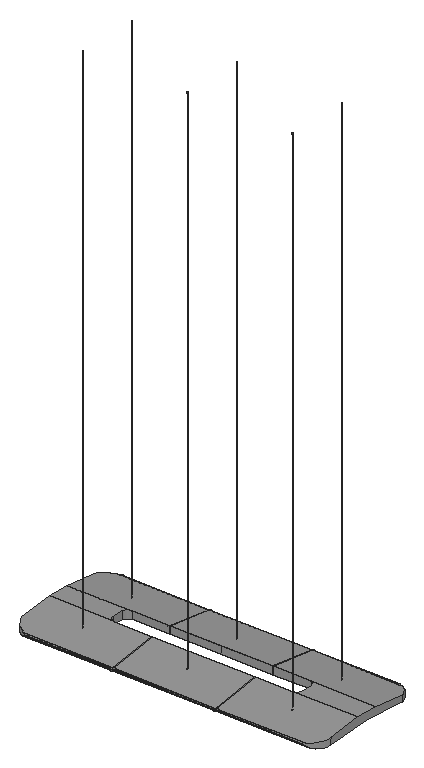
Revit family "Haworth_BuzziZepp_Lighting_AP_PRELIMINARY", category Furniture, Revit 2018
Family settings
  OmniClass Number = 23.40.70.14.64.21
  OmniClass Title = Systems Furniture
  Work Plane-Based = No
  Always vertical = Yes
  Cut with Voids When Loaded = No
  Shared = No
  Room Calculation Point = No
Parameters (values of type "Medium")
  Warranty = "http://www.haworth.com/resources/product-info/warranties"
  URL - Product = "https://www.haworth.com/ap/en/products/acoustic-accessories/buzzizepp.html"
  URL = "https://www.haworth.com/ap/en.html"
  Small = no
  Size = "Verify Final Dim. w/ Haworth"  # constant formula
  Revision Number = "1"  # constant formula
  Model = "BuzziZepp"  # constant formula
  Medium = not(Small)  # yes
  Manufacturer = "Haworth"  # constant formula
  Fabric Finish [instance] = Haworth _ Fabric _ Undecided _ Screen
  Description = "Haworth - BuzziZepp - Lighting"  # constant formula
  Cable Finish [instance] = Haworth _ Paint _ Black BTR-9005
  Author = "Haworth (Abd Rahman)"  # constant formula
  Assembly Code = "E2020200"
  Actual Width = if(Small, 1999.952 mm, 2999.978 mm)  # 2999.978 mm
  Actual Height = 5000.03 mm  # constant formula
  Actual Depth = 1169.888 mm  # constant formula
Types (2, lengths in mm): name | Small | Medium | Actual Width
  Medium | no | yes | 2999.978
  Small | yes | no | 1999.952
Reference planes
  plane 1: z = 2548.499
  plane 2 "Back": y = 629.394
  plane 3 "Front": y = -540.494
  plane 4 "Right": x = 2320.563
  plane 5 "Left": x = -679.415
  plane 6: x = 820.574
  plane 7: y = 44.45
  plane 8: x = 320.578
  plane 9: x = 1320.571
  plane 10 "left 1": x = 319.387
  plane 11 "right 1": x = 1321.761
  plane 12: z = 7548.529
  plane 13: z = 7543.519
  plane 14: x = -199.428
  plane 15: x = 1840.576
Forms (mm)
  Extrusion 1, void
    sketch origin (0, 0, 0) x (1, 0, 0) y (0, 1, 0)
      loop
        arc (-48.731, 149.674) -> (-84.652, 134.795) -> (-99.531, 98.874) r 50.8
        line (-99.531, 98.874) -> (-99.531, -11.526)
        arc (-99.531, -11.526) -> (-84.652, -47.447) -> (-48.731, -62.326) r 50.8
        line (-48.731, -62.326) -> (820.574, -62.326) -> (1689.88, -62.326)
        arc (1689.88, -62.326) -> (1725.801, -47.447) -> (1740.68, -11.526) r 50.8
        line (1740.68, -11.526) -> (1740.68, 98.874)
        arc (1740.68, 98.874) -> (1725.801, 134.795) -> (1689.88, 149.674) r 50.8
        line (1689.88, 149.674) -> (820.263, 149.674) -> (-48.731, 149.674)
    from 2018.825 to 2906.466
  Extrusion 2, solid, material "Haworth _ Fabric _ Undecided _ Screen" <- "Fabric Finish"
    sketch origin (-679.415, 0, 0) x (0, 1, 0) y (0, 0, -1)
      loop
        arc (-530.213, -2450.918) -> (-534.455, -2454.38) -> (-537.593, -2458.868) r 19.908
        line (-537.593, -2458.868) -> (-540.26, -2471.95)
        arc (-540.26, -2471.95) -> (-539.499, -2475.848) -> (-536.197, -2478.057) r 5.172
        arc (-536.197, -2478.057) -> (-297.957, -2518.045) -> (-57.791, -2544.078) r 4142.411
        arc (-57.791, -2544.078) -> (46.194, -2548.177) -> (150.179, -2544.078) r 1320.8
        arc (150.179, -2544.078) -> (388.671, -2518.276) -> (625.269, -2478.712) r 4142.411
        arc (625.269, -2478.712) -> (628.621, -2476.472) -> (629.394, -2472.516) r 5.246
        line (629.394, -2472.516) -> (626.678, -2459.209)
        arc (626.678, -2459.209) -> (624.705, -2454.633) -> (621.068, -2451.229) r 12.196
        arc (621.068, -2451.229) -> (608.753, -2445.325) -> (595.514, -2441.976) r 68.658
        arc (595.514, -2441.976) -> (560.567, -2438.656) -> (525.465, -2439.087) r 328.373
        arc (525.465, -2439.087) -> (498.833, -2441.345) -> (472.304, -2444.605) r 708.867
        arc (472.304, -2444.605) -> (43.492, -2474.91) -> (-385.319, -2444.574) r 3047.392
        arc (-385.319, -2444.574) -> (-401.949, -2442.317) -> (-418.607, -2440.272) r 1320.8
        arc (-418.607, -2440.272) -> (-461.68, -2438.125) -> (-504.66, -2441.665) r 326.965
        arc (-504.66, -2441.665) -> (-517.899, -2445.014) -> (-530.213, -2450.918) r 68.658
    from -998.802 to 0
  Extrusion 3, solid, material "Haworth _ Fabric _ Undecided _ Screen" <- "Fabric Finish"
    sketch origin (2320.563, 0, 0) x (0, 1, 0) y (0, 0, 1)
      loop
        arc (-530.213, 2450.918) -> (-517.899, 2445.014) -> (-504.66, 2441.665) r 68.658
        arc (-504.66, 2441.665) -> (-461.68, 2438.125) -> (-418.607, 2440.272) r 326.965
        arc (-418.607, 2440.272) -> (-401.949, 2442.317) -> (-385.319, 2444.574) r 1320.8
        arc (-385.319, 2444.574) -> (43.492, 2474.91) -> (472.304, 2444.605) r 3047.392
        arc (472.304, 2444.605) -> (498.833, 2441.345) -> (525.465, 2439.087) r 708.867
        arc (525.465, 2439.087) -> (560.567, 2438.656) -> (595.514, 2441.976) r 328.373
        arc (595.514, 2441.976) -> (608.753, 2445.325) -> (621.068, 2451.229) r 68.658
        arc (621.068, 2451.229) -> (624.705, 2454.633) -> (626.678, 2459.209) r 12.196
        line (626.678, 2459.209) -> (629.394, 2472.516)
        arc (629.394, 2472.516) -> (628.621, 2476.472) -> (625.269, 2478.712) r 5.246
        arc (625.269, 2478.712) -> (388.671, 2518.276) -> (150.179, 2544.078) r 4142.411
        arc (150.179, 2544.078) -> (46.194, 2548.177) -> (-57.791, 2544.078) r 1320.8
        arc (-57.791, 2544.078) -> (-297.957, 2518.045) -> (-536.197, 2478.057) r 4142.411
        arc (-536.197, 2478.057) -> (-539.499, 2475.848) -> (-540.26, 2471.95) r 5.172
        line (-540.26, 2471.95) -> (-537.593, 2458.868)
        arc (-537.593, 2458.868) -> (-534.455, 2454.38) -> (-530.213, 2450.918) r 19.908
    from -998.802 to 0
  Extrusion 4, solid, material "Haworth _ Fabric _ Undecided _ Screen" <- "Fabric Finish", visible <- "Medium"
    sketch origin (336.585, 0, 0) x (0, 1, 0) y (0, 0, -1)
      loop
        arc (-540.26, -2471.95) -> (-539.499, -2475.848) -> (-536.197, -2478.057) r 5.172
        arc (-536.197, -2478.057) -> (-297.957, -2518.045) -> (-57.791, -2544.078) r 4142.411
        arc (-57.791, -2544.078) -> (46.194, -2548.177) -> (150.179, -2544.078) r 1320.8
        arc (150.179, -2544.078) -> (388.671, -2518.276) -> (625.269, -2478.712) r 4142.411
        arc (625.269, -2478.712) -> (628.621, -2476.472) -> (629.394, -2472.516) r 5.246
        line (629.394, -2472.516) -> (626.678, -2459.209)
        arc (626.678, -2459.209) -> (624.705, -2454.633) -> (621.068, -2451.229) r 12.196
        arc (621.068, -2451.229) -> (608.753, -2445.325) -> (595.514, -2441.976) r 68.658
        arc (595.514, -2441.976) -> (560.567, -2438.656) -> (525.465, -2439.087) r 328.373
        arc (525.465, -2439.087) -> (498.833, -2441.345) -> (472.304, -2444.605) r 708.867
        arc (472.304, -2444.605) -> (43.492, -2474.91) -> (-385.319, -2444.574) r 3047.392
        arc (-385.319, -2444.574) -> (-401.949, -2442.317) -> (-418.607, -2440.272) r 1320.8
        arc (-418.607, -2440.272) -> (-461.68, -2438.125) -> (-504.66, -2441.665) r 326.965
        arc (-504.66, -2441.665) -> (-517.899, -2445.014) -> (-530.213, -2450.918) r 68.658
        arc (-530.213, -2450.918) -> (-534.455, -2454.38) -> (-537.593, -2458.868) r 19.908
        line (-537.593, -2458.868) -> (-540.26, -2471.95)
    from -983.985 to 16.007
  Extrusion 5, solid, material "Haworth _ Paint _ Black BTR-9005" <- "Cable Finish"
    sketch origin (0, 0, 0) x (1, 0, 0) y (0, 1, 0)
      loop
        circle (-199.428, -256.34) r 2.019
      loop
        circle (-199.428, 343.652) r 2.019
      loop
        circle (1840.576, -256.34) r 2.019
      loop
        circle (1840.576, 343.652) r 2.019
    from 7543.519 to 7548.529
  Extrusion 6, solid, material "Haworth _ Paint _ Black BTR-9005" <- "Cable Finish"
    sketch origin (0, 0, 0) x (1, 0, 0) y (0, 1, 0)
      loop
        circle (-199.428, -256.341) r 0.79
      loop
        circle (-199.428, 343.678) r 0.79
      loop
        circle (1840.576, -256.341) r 0.79
      loop
        circle (1840.576, 343.678) r 0.79
    from 2548.499 to 7548.529
  Extrusion 7, solid, material "Haworth _ Paint _ Black BTR-9005" <- "Cable Finish"
    sketch origin (0, 0, -5021.258) x (1, 0, 0) y (0, 1, 0)
      loop
        circle (-199.428, -256.34) r 2.019
      loop
        circle (-199.428, 343.652) r 2.019
      loop
        circle (1840.576, -256.34) r 2.019
      loop
        circle (1840.576, 343.652) r 2.019
    from 7543.519 to 7548.529
  Extrusion 8, solid, material "Haworth _ Paint _ Black BTR-9005" <- "Cable Finish", visible <- "Medium"
    sketch origin (310.028, 0, 0) x (1, 0, 0) y (0, 1, 0)
      loop
        circle (510.546, -256.34) r 2.019
      loop
        circle (510.546, 343.652) r 2.019
    from 7543.519 to 7548.529
  Extrusion 9, solid, material "Haworth _ Paint _ Black BTR-9005" <- "Cable Finish", visible <- "Medium"
    sketch origin (228.6, 0, 0) x (1, 0, 0) y (0, 1, 0)
      loop
        circle (591.974, -256.341) r 0.79
      loop
        circle (591.974, 343.678) r 0.79
    from 2527.271 to 7548.529
  Extrusion 10, solid, material "Haworth _ Paint _ Black BTR-9005" <- "Cable Finish", visible <- "Medium"
    sketch origin (310.028, 0, -5021.263) x (1, 0, 0) y (0, 1, 0)
      loop
        circle (510.546, -256.34) r 2.019
      loop
        circle (510.546, 343.652) r 2.019
    from 7543.519 to 7548.529
  Extrusion 11, void
    sketch origin (0, 4.763, 0) x (1, 0, 0) y (0, 1, 0)
      loop
        line (2328.247, 416.564) -> (2328.247, 632.464) -> (2112.347, 632.464)
        arc (2112.347, 632.464) -> (2265.011, 569.229) -> (2328.247, 416.564) r 215.9
    from 2219.952 to 2673.652
  Extrusion 12, void
    sketch origin (1641.149, 4.763, 0) x (-1, 0, 0) y (0, -1, 0)
      loop
        arc (2328.247, -416.564) -> (2265.011, -569.229) -> (2112.347, -632.464) r 215.9
        line (2112.347, -632.464) -> (2328.247, -632.464) -> (2328.247, -416.564)
    from 2219.952 to 2673.652
  Extrusion 13, void
    sketch origin (0, 84.137, 0) x (1, 0, 0) y (0, 1, 0)
      loop
        arc (2328.247, -416.564) -> (2265.011, -569.229) -> (2112.347, -632.464) r 215.9
        line (2112.347, -632.464) -> (2328.247, -632.464) -> (2328.247, -416.564)
    from 2219.952 to 2673.652
  Extrusion 14, void
    sketch origin (1641.149, 84.137, 0) x (-1, 0, 0) y (0, -1, 0)
      loop
        line (2328.247, 416.564) -> (2328.247, 632.464) -> (2112.347, 632.464)
        arc (2112.347, 632.464) -> (2265.011, 569.229) -> (2328.247, 416.564) r 215.9
    from 2219.952 to 2673.652
Cuts and joins
  Extrusion 1, Extrusion 12, Extrusion 14 cuts Extrusion 2
  Extrusion 1, Extrusion 11, Extrusion 12, Extrusion 13 cuts Extrusion 3
  Extrusion 1 cuts Extrusion 4
  joined: Extrusion 5, Extrusion 6, Extrusion 7
  joined: Extrusion 8, Extrusion 9, Extrusion 10
Lines and regions (mm)
  Masking region 1
    outline origin (0, 0, 0) x (1, 0, 0) y (0, 1, 0)
      loop
        line (-679.415, 478.411) -> (-679.415, -389.511)
        arc (-679.415, -389.511) -> (-624.061, -484.892) -> (-528.824, -540.494) r 215.9
        line (-528.824, -540.494) -> (2169.973, -540.494)
        arc (2169.973, -540.494) -> (2265.21, -484.892) -> (2320.563, -389.511) r 215.9
        line (2320.563, -389.511) -> (2320.563, 478.411)
        arc (2320.563, 478.411) -> (2265.21, 573.792) -> (2169.973, 629.394) r 215.9
        line (2169.973, 629.394) -> (-528.824, 629.394)
        arc (-528.824, 629.394) -> (-624.061, 573.792) -> (-679.415, 478.411) r 215.9
  symbolic lines
    curve 1: line (1689.88, 149.674, 0) -> (-48.731, 149.674, 0)
    curve 2: line (-48.731, -62.326, 0) -> (1689.88, -62.326, 0)
    curve 3: line (-99.531, 98.874, 0) -> (-99.531, -11.526, 0)
    curve 4: arc (-48.731, 149.674, 0) -> (-84.652, 134.795, 0) -> (-99.531, 98.874, 0) r 50.8
    curve 5: arc (-99.531, -11.526, 0) -> (-84.652, -47.447, 0) -> (-48.731, -62.326, 0) r 50.8
    curve 6: arc (1689.88, -62.326, 0) -> (1725.801, -47.447, 0) -> (1740.68, -11.526, 0) r 50.8
    curve 7: arc (1740.68, 98.874, 0) -> (1725.801, 134.795, 0) -> (1689.88, 149.674, 0) r 50.8
    curve 8: line (1740.68, -11.526, 0) -> (1740.68, 98.874, 0)
    curve 9: line (1321.761, -540.365, 0) -> (1321.761, -62.326, 0)
    curve 10: line (1321.761, 629.265, 0) -> (1321.761, 151.226, 0)
  symbolic lines, visible <- "Medium"
    curve 11: line (319.387, -540.365, 0) -> (319.387, -62.326, 0)
    curve 12: line (319.387, 629.265, 0) -> (319.387, 151.226, 0)
Dimensions and locks
  "Actual Width": plane 5 "Left" to plane 4 "Right"
  "Actual Depth": plane 3 "Front" to plane 2 "Back"
  equal spacing: plane 5 "Left", plane 6, plane 4 "Right"
  equal spacing: plane 2 "Back", plane 7, plane 3 "Front"
  locked: plane 5 "Left" to plane 10 "left 1" at 998.802
  locked: plane 11 "right 1" to plane 4 "Right" at 998.802
  "Actual Height": plane 12 to plane 1
  locked: plane 12 to plane 13 at 5.01
  locked: plane 15 to plane 4 "Right" at 479.987
  locked: plane 5 "Left" to plane 14 at 479.987
  aligned and locked: plane 4 "Right" to cut or joined group of Extrusion 1, Extrusion 3, Extrusion 11, Extrusion 12, Extrusion 13  (x2)
  aligned and locked: plane 5 "Left" to cut or joined group of Extrusion 1, Extrusion 2, Extrusion 12, Extrusion 14  (x2)
  aligned and locked: plane 8 to Extrusion 4
  aligned and locked: Extrusion 4 to plane 9
  aligned and locked: cut or joined group of Extrusion 1, Extrusion 2, Extrusion 12, Extrusion 14 to plane 10 "left 1"
  aligned and locked: cut or joined group of Extrusion 1, Extrusion 3, Extrusion 11, Extrusion 12, Extrusion 13 to plane 11 "right 1"
  aligned and locked: plane 12 to Extrusion 5
  aligned and locked: plane 12 to Extrusion 6
  aligned and locked: cut or joined group of Extrusion 5, Extrusion 6, Extrusion 7 to plane 13
  aligned and locked: plane 12 to cut or joined group of Extrusion 5, Extrusion 6, Extrusion 7
  aligned and locked: cut or joined group of Extrusion 5, Extrusion 6, Extrusion 7 to plane 12  (x6)
  aligned and locked: plane 13 to cut or joined group of Extrusion 5, Extrusion 6, Extrusion 7  (x6)
  aligned and locked: plane 12 to cut or joined group of Extrusion 8, Extrusion 9, Extrusion 10
  aligned and locked: cut or joined group of Extrusion 8, Extrusion 9, Extrusion 10 to plane 13
  aligned and locked: cut or joined group of Extrusion 8, Extrusion 9, Extrusion 10 to plane 12
  aligned and locked: plane 13 to cut or joined group of Extrusion 8, Extrusion 9, Extrusion 10
  aligned and locked: cut or joined group of Extrusion 1, Extrusion 4 to plane 9
  aligned and locked: plane 5 "Left" to Masking region 1
  aligned and locked: plane 4 "Right" to Masking region 1
  aligned and locked: plane 2 "Back" to Masking region 1
  aligned and locked: plane 3 "Front" to Masking region 1
  aligned and locked: plane 14 to Extrusion 7 sketch curve  (x2)
  aligned and locked: plane 14 to Extrusion 6 sketch curve  (x2)
  aligned and locked: plane 15 to Extrusion 6 sketch curve  (x2)
  aligned and locked: plane 15 to Extrusion 7 sketch curve  (x2)
  aligned and locked: plane 6 to Extrusion 9 sketch curve  (x2)
  aligned and locked: plane 6 to Extrusion 10 sketch curve  (x2)
  aligned and locked: plane 14 to Extrusion 5 sketch curve  (x2)
  aligned and locked: plane 15 to Extrusion 5 sketch curve  (x2)
  aligned and locked: plane 6 to Extrusion 8 sketch curve  (x2)
  aligned and locked: plane 2 "Back" to Extrusion 3 sketch curve
  aligned and locked: plane 2 "Back" to Extrusion 4 sketch curve
  aligned and locked: plane 2 "Back" to Extrusion 2 sketch curve
  aligned and locked: plane 11 "right 1" to curve 9
  aligned and locked: curve 10 to plane 11 "right 1"
  aligned and locked: curve 11 to plane 10 "left 1"
  aligned and locked: plane 10 "left 1" to curve 12
  aligned and locked: Extrusion 6 to plane 1
Automatic sketch dimensions
  Extrusion 1 sketch curve to plane 6 = 0 mm
  plane 6 to Extrusion 1 sketch curve = 0.312 mm
  plane 7 to Extrusion 1 sketch curve = 54.424 mm
  Extrusion 1 sketch curve to plane 14 = 150.697 mm  (x2)
  Extrusion 1 sketch curve to Extrusion 1 sketch curve = 50.8 mm  (x2)
  Extrusion 1 sketch curve to plane 15 = 150.697 mm  (x2)
  Extrusion 1 sketch curve to plane 7 = 55.976 mm
  curve 2 to plane 14 = 150.697 mm
  plane 7 to curve 4 = 54.424 mm
  curve 4 to curve 5 = 0 mm
  curve 3 to curve 5 = 50.8 mm
  plane 7 to curve 7 = 54.424 mm
  curve 7 to plane 15 = 150.697 mm
  curve 2 to curve 8 = 50.8 mm
  curve 6 to plane 7 = 55.976 mm
  curve 9 to plane 3 "Front" = 0.13 mm
  curve 11 to plane 3 "Front" = 0.13 mm
  plane 7 to curve 12 = 106.776 mm
  plane 7 to curve 10 = 106.776 mm
  curve 12 to plane 2 "Back" = 0.13 mm
  curve 10 to plane 2 "Back" = 0.13 mm
  Extrusion 2 sketch curve to plane 2 "Back" = 2.716 mm
  Extrusion 2 sketch curve to plane 2 "Back" = 5.14 mm
  Extrusion 2 sketch curve to Extrusion 2 sketch curve = 11.95 mm
  Extrusion 2 sketch curve to plane 2 "Back" = 44.016 mm
  Extrusion 2 sketch curve to plane 2 "Back" = 57.368 mm
  Extrusion 2 sketch curve to plane 2 "Back" = 82.36 mm
  plane 7 to Extrusion 2 sketch curve = 223.886 mm
  plane 7 to Extrusion 2 sketch curve = 1.744 mm
  Extrusion 2 sketch curve to plane 7 = 0.846 mm
  Extrusion 2 sketch curve to plane 7 = 220.398 mm
  Extrusion 2 sketch curve to plane 3 "Front" = 84.107 mm
  Extrusion 2 sketch curve to plane 3 "Front" = 45.971 mm
  Extrusion 2 sketch curve to plane 3 "Front" = 20.63 mm
  Extrusion 2 sketch curve to plane 3 "Front" = 5.302 mm
  Extrusion 2 sketch curve to plane 3 "Front" = 2.901 mm
  Extrusion 2 sketch curve to plane 3 "Front" = 0.234 mm
  plane 3 "Front" to Extrusion 2 sketch curve = 30.728 mm
  plane 1 to Extrusion 2 sketch curve = 1203.726 mm
  plane 1 to Extrusion 2 sketch curve = 597.923 mm
  plane 1 to Extrusion 2 sketch curve = 218.252 mm
  plane 1 to Extrusion 2 sketch curve = 216.547 mm
  Extrusion 2 sketch curve to plane 1 = 38.618 mm
  Extrusion 2 sketch curve to plane 1 = 38.929 mm
  Extrusion 2 sketch curve to Extrusion 2 sketch curve = 36.316 mm
  Extrusion 2 sketch curve to Extrusion 2 sketch curve = 36.587 mm
  Extrusion 2 sketch curve to Extrusion 2 sketch curve = 1.049 mm
  Extrusion 2 sketch curve to Extrusion 2 sketch curve = 1.033 mm
  Extrusion 2 sketch curve to Extrusion 2 sketch curve = 5.058 mm
  Extrusion 2 sketch curve to Extrusion 2 sketch curve = 11.917 mm
  Extrusion 2 sketch curve to Extrusion 2 sketch curve = 2.439 mm
  Extrusion 2 sketch curve to Extrusion 2 sketch curve = 13.082 mm
  level to Extrusion 2 sketch curve = 1227.377 mm
  Extrusion 2 sketch curve to level = 572.482 mm
  Extrusion 2 sketch curve to Extrusion 2 sketch curve = 1012.994 mm
  Extrusion 2 sketch curve to Extrusion 2 sketch curve = 0 mm  (x11)
  Extrusion 3 sketch curve to plane 2 "Back" = 2.716 mm
  Extrusion 3 sketch curve to plane 2 "Back" = 5.14 mm
  Extrusion 3 sketch curve to Extrusion 3 sketch curve = 11.95 mm
  Extrusion 3 sketch curve to plane 2 "Back" = 44.016 mm
  Extrusion 3 sketch curve to plane 2 "Back" = 57.368 mm
  Extrusion 3 sketch curve to plane 2 "Back" = 82.36 mm
  plane 7 to Extrusion 3 sketch curve = 223.886 mm
  plane 7 to Extrusion 3 sketch curve = 1.744 mm
  Extrusion 3 sketch curve to plane 7 = 0.846 mm
  Extrusion 3 sketch curve to plane 7 = 220.398 mm
  Extrusion 3 sketch curve to plane 3 "Front" = 84.107 mm
  Extrusion 3 sketch curve to plane 3 "Front" = 45.971 mm
  Extrusion 3 sketch curve to plane 3 "Front" = 20.63 mm
  Extrusion 3 sketch curve to plane 3 "Front" = 5.302 mm
  Extrusion 3 sketch curve to plane 3 "Front" = 2.901 mm
  Extrusion 3 sketch curve to plane 3 "Front" = 0.234 mm
  plane 3 "Front" to Extrusion 3 sketch curve = 30.728 mm
  Extrusion 3 sketch curve to level = 1585.476 mm
  Extrusion 3 sketch curve to Extrusion 3 sketch curve = 0 mm  (x11)
  Extrusion 3 sketch curve to level = 572.482 mm
  level to Extrusion 3 sketch curve = 1227.377 mm
  Extrusion 3 sketch curve to plane 1 = 89.632 mm
  Extrusion 3 sketch curve to plane 1 = 89.291 mm
  Extrusion 3 sketch curve to Extrusion 3 sketch curve = 2.439 mm
  Extrusion 3 sketch curve to Extrusion 3 sketch curve = 9.057 mm
  Extrusion 3 sketch curve to Extrusion 3 sketch curve = 13.082 mm
  Extrusion 3 sketch curve to Extrusion 3 sketch curve = 13.308 mm
  Extrusion 3 sketch curve to Extrusion 3 sketch curve = 1.033 mm
  Extrusion 3 sketch curve to Extrusion 3 sketch curve = 1.049 mm
  Extrusion 3 sketch curve to plane 1 = 38.929 mm
  Extrusion 3 sketch curve to plane 1 = 38.618 mm
  plane 1 to Extrusion 3 sketch curve = 216.547 mm
  plane 1 to Extrusion 3 sketch curve = 218.252 mm
  Extrusion 3 sketch curve to Extrusion 3 sketch curve = 379.672 mm
  Extrusion 3 sketch curve to Extrusion 3 sketch curve = 987.179 mm
  Extrusion 4 sketch curve to plane 2 "Back" = 2.716 mm
  Extrusion 4 sketch curve to plane 2 "Back" = 5.14 mm
  Extrusion 4 sketch curve to Extrusion 4 sketch curve = 11.95 mm
  Extrusion 4 sketch curve to plane 2 "Back" = 44.016 mm
  Extrusion 4 sketch curve to plane 2 "Back" = 57.368 mm
  Extrusion 4 sketch curve to plane 2 "Back" = 82.36 mm
  plane 7 to Extrusion 4 sketch curve = 223.886 mm
  plane 7 to Extrusion 4 sketch curve = 1.744 mm
  Extrusion 4 sketch curve to plane 7 = 0.846 mm
  Extrusion 4 sketch curve to plane 7 = 220.398 mm
  Extrusion 4 sketch curve to plane 3 "Front" = 84.107 mm
  Extrusion 4 sketch curve to plane 3 "Front" = 45.971 mm
  Extrusion 4 sketch curve to plane 3 "Front" = 20.63 mm
  Extrusion 4 sketch curve to plane 3 "Front" = 5.302 mm
  Extrusion 4 sketch curve to plane 3 "Front" = 2.901 mm
  Extrusion 4 sketch curve to plane 3 "Front" = 0.234 mm
  plane 3 "Front" to Extrusion 4 sketch curve = 30.728 mm
  plane 1 to Extrusion 4 sketch curve = 1203.726 mm
  plane 1 to Extrusion 4 sketch curve = 597.923 mm
  plane 1 to Extrusion 4 sketch curve = 218.252 mm
  plane 1 to Extrusion 4 sketch curve = 216.547 mm
  Extrusion 4 sketch curve to plane 1 = 38.618 mm
  Extrusion 4 sketch curve to plane 1 = 38.929 mm
  Extrusion 4 sketch curve to Extrusion 4 sketch curve = 36.316 mm
  Extrusion 4 sketch curve to Extrusion 4 sketch curve = 36.587 mm
  Extrusion 4 sketch curve to Extrusion 4 sketch curve = 1.049 mm
  Extrusion 4 sketch curve to Extrusion 4 sketch curve = 1.033 mm
  Extrusion 4 sketch curve to Extrusion 4 sketch curve = 5.058 mm
  Extrusion 4 sketch curve to Extrusion 4 sketch curve = 11.917 mm
  Extrusion 4 sketch curve to Extrusion 4 sketch curve = 2.439 mm
  Extrusion 4 sketch curve to Extrusion 4 sketch curve = 13.082 mm
  level to Extrusion 4 sketch curve = 1227.377 mm
  Extrusion 4 sketch curve to level = 572.482 mm
  Extrusion 4 sketch curve to Extrusion 4 sketch curve = 1012.994 mm
  Extrusion 4 sketch curve to Extrusion 4 sketch curve = 0 mm  (x11)
  Extrusion 5 sketch curve to plane 3 "Front" = 284.154 mm  (x2)
  Extrusion 5 sketch curve to plane 2 "Back" = 285.742 mm  (x2)
  Extrusion 6 sketch curve to plane 3 "Front" = 284.153 mm  (x2)
  Extrusion 6 sketch curve to plane 2 "Back" = 285.716 mm  (x2)
  Extrusion 7 sketch curve to plane 3 "Front" = 284.154 mm  (x2)
  Extrusion 7 sketch curve to plane 2 "Back" = 285.742 mm  (x2)
  Extrusion 8 sketch curve to plane 3 "Front" = 284.154 mm
  Extrusion 8 sketch curve to plane 2 "Back" = 285.742 mm
  Extrusion 9 sketch curve to plane 3 "Front" = 284.153 mm
  Extrusion 9 sketch curve to plane 2 "Back" = 285.716 mm
  Extrusion 10 sketch curve to plane 3 "Front" = 284.154 mm
  Extrusion 10 sketch curve to plane 2 "Back" = 285.742 mm
  Extrusion 11 sketch curve to plane 4 "Right" = 208.217 mm
  plane 4 "Right" to Extrusion 11 sketch curve = 7.683 mm
  Extrusion 11 sketch curve to plane 2 "Back" = 208.067 mm
  plane 5 "Left" to Extrusion 12 sketch curve = 208.217 mm
  Extrusion 12 sketch curve to plane 5 "Left" = 7.683 mm
  plane 2 "Back" to Extrusion 12 sketch curve = 208.067 mm
  plane 4 "Right" to Extrusion 13 sketch curve = 208.217 mm
  Extrusion 13 sketch curve to plane 4 "Right" = 7.683 mm
  plane 3 "Front" to Extrusion 13 sketch curve = 208.067 mm
  Extrusion 14 sketch curve to plane 5 "Left" = 208.217 mm
  plane 5 "Left" to Extrusion 14 sketch curve = 7.683 mm
  Extrusion 14 sketch curve to plane 3 "Front" = 208.067 mm
  Masking region 1 sketch curve to plane 5 "Left" = 0 mm
  plane 3 "Front" to Masking region 1 sketch curve = 0 mm
  Masking region 1 sketch curve to plane 2 "Back" = 0 mm
  Masking region 1 sketch curve to plane 4 "Right" = 0 mm
  Masking region 1 sketch curve to plane 5 "Left" = 150.591 mm  (x2)
  Masking region 1 sketch curve to plane 5 "Left" = 208.217 mm  (x2)
  Masking region 1 sketch curve to plane 4 "Right" = 208.217 mm  (x2)
  Masking region 1 sketch curve to plane 4 "Right" = 150.591 mm  (x2)
  Masking region 1 sketch curve to plane 3 "Front" = 150.983 mm  (x2)
  Masking region 1 sketch curve to plane 2 "Back" = 208.067 mm  (x2)
  radius of Extrusion 5 sketch curve = 2.019 mm  (x4)
  radius of Extrusion 6 sketch curve = 0.79 mm  (x4)
  radius of Extrusion 7 sketch curve = 2.019 mm  (x4)
  radius of Extrusion 8 sketch curve = 2.019 mm  (x2)
  radius of Extrusion 9 sketch curve = 0.79 mm  (x2)
  radius of Extrusion 10 sketch curve = 2.019 mm  (x2)
